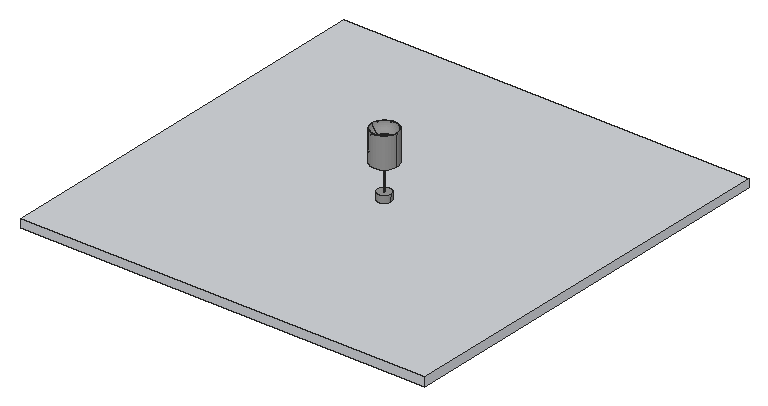
Revit family "LAMP_KOMBIC 150 SURFACE 2000 CRI80 OPAL DALI", category Luminarias, Revit 2018
Family settings
  Anfitrión = Cara
  Cota de conector redondo = Diámetro de uso
  Tipo de pieza = Normal
  Corte con vacíos al cargar = No
  Origen de luz = Sí
  Compartido = No
  Punto de cálculo de habitación = No
Parameters (values of type "1427LM 3000K  M/B")
  Ángulo de inclinación = -90.00°
  Weight = 1.478 kg
  UGR = ""
  Type = "COB PHILIPS"
  Protection rating = "IP40"
  Product datasheet = "http://www.lamp.es/product-files/TECH/K21SF2040OP830DMB-EN.pdf"
  Product code = "K21SF2040OP830DMB"
  Product URL = "https://www.lamp.es/en/family/kombic-surface_474354"
  Power Supply = "220-240V 50/60Hz"
  Power = 12 W
  Plum = 14.1 W
  Modelo = Product code  # "K21SF2040OP830DMB"
  Model explanation = "Possibility of chossing between surface or suspended within the model"
  Material reflector = LAMP_PC Reflector Kombic Metalizado Mate
  Material floron = LAMP_Plástico genérico NG
  Material difusor = LAMP_PMMA Difusor Kombic
  Material cuerpo = LAMP_Plástico genérico NG
  Material cable suspension = LAMP_Acero genérico
  Manufacturer name = "LAMP"
  Manufacturer country = "Spain"
  Manufacturer URL = "http://www.lamp.es/en"
  MacAdam = "3"
  Luminaire type = "Suspended"
  Last update = "02/09/2021"
  Lamp = "COB LED"
  LED Lifetime = "50.000 L90 B10"
  Insulation class = "II"
  Installation instructions = "https://www.lamp.es/product-files/packed/by-family/474354_INS_all.zip"
  IEE = "A+"
  Height suspension [instance] = 200 mm
  Height distance [instance] = if(Surface, 0.1 mm, if(Ceiling rose, if(Height suspension > 38 mm, if(Height suspension < 2000 mm, Height suspension, 2000 mm), 38 mm), 37 mm))  # 200 mm
  Wattage = 14.1 W
  built-in parameter 1150107 = 3000 (stored number, unit not read)
  Surface [instance] = no
  built-in parameter 1150110 = 1 (stored number, unit not read)
  built-in parameter 1150109 = 1 (stored number, unit not read)
  built-in parameter 1150112 = 1 (stored number, unit not read)
  built-in parameter 1150113 = 1 (stored number, unit not read)
  built-in parameter 1114218 = 1 (stored number, unit not read)
  built-in parameter 1150137 = (empty or 0)
  built-in parameter 1150132 = 2
  built-in parameter 1150105 = 113.55 (stored number, unit not read)
  built-in parameter 1150102 = (empty or 0)
  built-in parameter 1150106 = 1.1355 (stored number, unit not read)
  Height = 180 mm
  Gear = "Adjustable DALI"
  Lumens = 1426.92 lm
  Finish = "Matte black RAL 9011"
  Color Filter = 16777215
  built-in parameter 1114217 = 1 (stored number, unit not read)
  built-in parameter 1150139 = (empty or 0)
  Fabricante = Manufacturer name  # "LAMP"
  Default Elevation = 1219.2 mm
  built-in parameter 1150104 = 9.4018 (stored number, unit not read)
  Efficacy = 101.2 lm/W
  Diameter = 150 mm
  built-in parameter 1150115 = 1 (stored number, unit not read)
  built-in parameter 1150114 = 1 (stored number, unit not read)
  built-in parameter 1150138 = (empty or 0)
  built-in parameter 1150134 = (empty or 0)
  Ceiling rose [instance] = not(Surface)  # yes
  Dimming Lamp Color Temperature Shift = (empty or 0)
  CRI = "80"
  Archivo de red fotométrica = "K21SF2040OP830NMB.IES"
  built-in parameter 1150133 = 10 (stored number, unit not read)
Types (12, lengths in mm): name | Product datasheet | Product code | Modelo | Material reflector | Material floron | Material cuerpo | built-in parameter 1150107 | built-in parameter 1150105 | built-in parameter 1150106 | Lumens | Finish | built-in parameter 1150104 | Efficacy | built-in parameter 1150134 | Archivo de red fotométrica
  1427LM 3000K  M/B | "http://www.lamp.es/product-files/TECH/K21SF2040OP830DMB-EN.pdf" | "K21SF2040OP830DMB" | "K21SF2040OP830DMB" | LAMP_PC Reflector Kombic Metalizado Mate | LAMP_Plástico genérico NG | LAMP_Plástico genérico NG | 3000 (stored number, unit not read) | 113.55 (stored number, unit not read) | 1.1355 (stored number, unit not read) | 1426.92 lm | "Matte black RAL 9011" | 9.4018 (stored number, unit not read) | 101.2 lm/W | (empty or 0) | "K21SF2040OP830NMB.IES"
  1427LM 3000K  M/W | "http://www.lamp.es/product-files/TECH/K21SF2040OP830DMW-EN.pdf" | "K21SF2040OP830DMW" | "K21SF2040OP830DMW" | LAMP_PC Reflector Kombic Metalizado Mate | LAMP_Plástico genérico BL | LAMP_Plástico genérico BL | 3000 (stored number, unit not read) | 113.55 (stored number, unit not read) | 1.1355 (stored number, unit not read) | 1426.92 lm | "Matte white RAL 9010" | 9.4018 (stored number, unit not read) | 101.2 lm/W | (empty or 0) | "K21SF2040OP830NMW.IES"
  1473LM 3000K  W/B | "http://www.lamp.es/product-files/TECH/K21SF2040OP830DWB-EN.pdf" | "K21SF2040OP830DWB" | "K21SF2040OP830DWB" | LAMP_PC Reflector Kombic Blanco | LAMP_Plástico genérico NG | LAMP_Plástico genérico NG | 3000 (stored number, unit not read) | 117.14 (stored number, unit not read) | 1.1714 (stored number, unit not read) | 1472.04 lm | "Matte black RAL 9011" | 9.6991 (stored number, unit not read) | 104.4 lm/W | (empty or 0) | "K21SF2040OP830NWB.IES"
  1473LM 3000K  W/W | "http://www.lamp.es/product-files/TECH/K21SF2040OP830DWW-EN.pdf" | "K21SF2040OP830DWW" | "K21SF2040OP830DWW" | LAMP_PC Reflector Kombic Blanco | LAMP_Plástico genérico BL | LAMP_Plástico genérico BL | 3000 (stored number, unit not read) | 117.14 (stored number, unit not read) | 1.1714 (stored number, unit not read) | 1472.04 lm | "Matte white RAL 9010" | 9.6991 (stored number, unit not read) | 104.4 lm/W | (empty or 0) | "K21SF2040OP830NWW.IES"
  1486LM 4000K  M/B | "http://www.lamp.es/product-files/TECH/K21SF2040OP840DMB-EN.pdf" | "K21SF2040OP840DMB" | "K21SF2040OP840DMB" | LAMP_PC Reflector Kombic Metalizado Mate | LAMP_Plástico genérico NG | LAMP_Plástico genérico NG | 4000 (stored number, unit not read) | 118.26 (stored number, unit not read) | 1.1826 (stored number, unit not read) | 1486.14 lm | "Matte black RAL 9011" | 9.792 (stored number, unit not read) | 105.4 lm/W | 12 | "K21SF2040OP840NMB.IES"
  1486LM 4000K  M/W | "http://www.lamp.es/product-files/TECH/K21SF2040OP840DMW-EN.pdf" | "K21SF2040OP840DMW" | "K21SF2040OP840DMW" | LAMP_PC Reflector Kombic Metalizado Mate | LAMP_Plástico genérico BL | LAMP_Plástico genérico BL | 4000 (stored number, unit not read) | 118.26 (stored number, unit not read) | 1.1826 (stored number, unit not read) | 1486.14 lm | "Matte white RAL 9010" | 9.792 (stored number, unit not read) | 105.4 lm/W | 12 | "K21SF2040OP840NMW.IES"
  1488LM 3000K  BR/B | "http://www.lamp.es/product-files/TECH/K21SF2040OP830DRB-EN.pdf" | "K21SF2040OP830DRB" | "K21SF2040OP830DRB" | LAMP_PC Reflector Kombic Metalizado Brillante | LAMP_Plástico genérico NG | LAMP_Plástico genérico NG | 3000 (stored number, unit not read) | 118.49 (stored number, unit not read) | 1.1849 (stored number, unit not read) | 1488.96 lm | "Matte black RAL 9011" | 9.8106 (stored number, unit not read) | 105.6 lm/W | (empty or 0) | "K21SF2040OP830NRB.IES"
  1488LM 3000K  BR/W | "http://www.lamp.es/product-files/TECH/K21SF2040OP830DRW-EN.pdf" | "K21SF2040OP830DRW" | "K21SF2040OP830DRW" | LAMP_PC Reflector Kombic Metalizado Brillante | LAMP_Plástico genérico BL | LAMP_Plástico genérico BL | 3000 (stored number, unit not read) | 118.49 (stored number, unit not read) | 1.1849 (stored number, unit not read) | 1488.96 lm | "Matte white RAL 9010" | 9.8106 (stored number, unit not read) | 105.6 lm/W | (empty or 0) | "K21SF2040OP830NRW.IES"
  1534LM 4000K  W/B | "http://www.lamp.es/product-files/TECH/K21SF2040OP840DWB-EN.pdf" | "K21SF2040OP840DWB" | "K21SF2040OP840DWB" | LAMP_PC Reflector Kombic Blanco | LAMP_Plástico genérico NG | LAMP_Plástico genérico NG | 4000 (stored number, unit not read) | 122.08 (stored number, unit not read) | 1.2208 (stored number, unit not read) | 1534.08 lm | "Matte black RAL 9011" | 10.108 (stored number, unit not read) | 108.8 lm/W | 12 | "K21SF2040OP840NWB.IES"
  1534LM 4000K  W/W | "http://www.lamp.es/product-files/TECH/K21SF2040OP840DWW-EN.pdf" | "K21SF2040OP840DWW" | "K21SF2040OP840DWW" | LAMP_PC Reflector Kombic Blanco | LAMP_Plástico genérico BL | LAMP_Plástico genérico BL | 4000 (stored number, unit not read) | 122.08 (stored number, unit not read) | 1.2208 (stored number, unit not read) | 1534.08 lm | "Matte white RAL 9010" | 10.108 (stored number, unit not read) | 108.8 lm/W | 12 | "K21SF2040OP840NWW.IES"
  1550LM 4000K  BR/B | "http://www.lamp.es/product-files/TECH/K21SF2040OP840DRB-EN.pdf" | "K21SF2040OP840DRB" | "K21SF2040OP840DRB" | LAMP_PC Reflector Kombic Metalizado Brillante | LAMP_Plástico genérico NG | LAMP_Plástico genérico NG | 3000 (stored number, unit not read) | 123.42 (stored number, unit not read) | 1.2342 (stored number, unit not read) | 1551 lm | "Matte black RAL 9011" | 10.219 (stored number, unit not read) | 110 lm/W | (empty or 0) | "K21SF2040OP840NRB.IES"
  1550LM 4000K  BR/W | "http://www.lamp.es/product-files/TECH/K21SF2040OP840DRW-EN.pdf" | "K21SF2040OP840DRW" | "K21SF2040OP840DRW" | LAMP_PC Reflector Kombic Metalizado Brillante | LAMP_Plástico genérico BL | LAMP_Plástico genérico BL | 4000 (stored number, unit not read) | 123.42 (stored number, unit not read) | 1.2342 (stored number, unit not read) | 1551 lm | "Matte white RAL 9010" | 10.219 (stored number, unit not read) | 110 lm/W | 12 | "K21SF2040OP840NRW.IES"
Reference planes
  plane 1 "Centro (Frontal/Posterior)": y = 0
  plane 2: z = 0
  plane 3 "Centro (Izquierda/Derecha)": x = 0
Forms (mm)
  Extrusion 1, solid
    sketch origin (0, 0, 0) x (1, 0, 0) y (0, 1, 0)
      loop
        line (-1219.2, 1219.2) -> (-1219.2, -1219.2) -> (1219.2, -1219.2) -> (1219.2, 1219.2) -> (-1219.2, 1219.2)
    from 0 to -50
  Extrusion 2, solid, material "LAMP_Plástico genérico NG" <- "Material cuerpo"
    sketch origin (0, 0, 0) x (1, 0, 0) y (0, 1, 0)
      loop
        circle (0, 0) r 77.5
    from 200 to 380
  Extrusion 3, void
    sketch origin (0, 0, 0) x (1, 0, 0) y (0, 1, 0)
      loop
        circle (0, 0) r 76.5
    from 270.588 to 380
  Sweep 4, solid, material "LAMP_PC Reflector Kombic Metalizado Mate" <- "Material reflector"
    path origin (105.103, -251.845, 380) x (1, 0, 0) y (0, 1, 0)
      loop
        circle (-105.103, 251.959) r 48
    profile origin (0, 48.114, 380) x (0, -1, 0) y (0, 0, 1)
      loop
        arc (-28.386, 0) -> (-15.5, -31.664) -> (14.364, -48.3) r 51.542
        line (14.364, -48.3) -> (14.364, -47.3)
        arc (14.364, -47.3) -> (-14.949, -31.098) -> (-27.386, 0) r 49.836
        line (-27.386, 0) -> (-28.386, 0)
  Extrusion 5, solid, material "LAMP_PMMA Difusor Kombic" <- "Material difusor"
    sketch origin (0, 0, 0) x (1, 0, 0) y (0, 1, 0)
      loop
        circle (0, 0) r 33.636
    from 331.7 to 332.7
  Extrusion 6, solid, material "LAMP_Plástico genérico NG" <- "Material floron", visible <- "Ceiling rose"
    sketch origin (0, 0, 0) x (1, 0, 0) y (0, 1, 0)
      loop
        circle (0, 0) r 42
    from 0 to 37
  Extrusion 7, solid, material "LAMP_Acero genérico" <- "Material cable suspension", visible <- "Ceiling rose"
    sketch origin (0, 0, 0) x (1, 0, 0) y (0, 1, 0)
      loop
        circle (0, 0) r 1
    from 37 to 200
Cuts and joins
  Extrusion 3 cuts Extrusion 2
Text (mm)
  text "Any modification of the parameters and properties of the LAMP BIM models must be executed and validated by the LAMP technical department.\nPhone: +34 93 736 68 00\nE-mail: lamp@lamp.es\n\nLAMP reserves the right to modify the technical specifications of its products." at (1856.491, -4316.333, -2622.127), in view "Preview"
Dimensions and locks
  "Height distance": Extrusion 2 to Extrusion 1
  locked: Extrusion 2 to Extrusion 2 at 180
  locked: cut or joined group of Extrusion 2, Extrusion 3 to cut or joined group of Extrusion 2, Extrusion 3 at 109.412
  aligned and locked: plane 2 to Extrusion 1
  aligned and locked: level to Extrusion 1
  aligned and locked: Extrusion 2 to Extrusion 3
  aligned and locked: Extrusion 7 to Extrusion 6
  aligned and locked: Extrusion 7 to cut or joined group of Extrusion 2, Extrusion 3
  aligned and locked: imposter light to cut or joined group of Extrusion 2, Extrusion 3
  aligned and locked: Extrusion 5 to Sweep 4  (x2)
Automatic sketch dimensions
  Extrusion 1 sketch curve to Extrusion 1 sketch curve = 2438.4 mm  (x2)
  plane 1 "Centro (Frontal/Posterior)" to Extrusion 2 sketch curve = 0 mm
  Extrusion 2 sketch curve to plane 3 "Centro (Izquierda/Derecha)" = 0 mm
  plane 1 "Centro (Frontal/Posterior)" to Extrusion 3 sketch curve = 0 mm
  Extrusion 3 sketch curve to plane 3 "Centro (Izquierda/Derecha)" = 0 mm
  plane 1 "Centro (Frontal/Posterior)" to Extrusion 6 sketch curve = 0 mm
  Extrusion 6 sketch curve to plane 3 "Centro (Izquierda/Derecha)" = 0 mm
  plane 1 "Centro (Frontal/Posterior)" to Extrusion 7 sketch curve = 0 mm
  Extrusion 7 sketch curve to plane 3 "Centro (Izquierda/Derecha)" = 0 mm
  Sweep 4 sketch curve to profile plane = 0 mm
  profile plane to Sweep 4 sketch curve = 28.386 mm
  profile plane to Sweep 4 sketch curve = 1.881 mm
  Sweep 4 sketch curve to profile plane = 22.414 mm
  Sweep 4 sketch curve to Sweep 4 sketch curve = 0.681 mm
  Sweep 4 sketch curve to Sweep 4 sketch curve = 1 mm  (x2)
  Sweep 4 sketch curve to profile plane = 14.364 mm
  plane 1 "Centro (Frontal/Posterior)" to Extrusion 5 sketch curve = 0 mm
  Extrusion 5 sketch curve to plane 3 "Centro (Izquierda/Derecha)" = 0 mm
  radius of Extrusion 2 sketch curve = 77.5 mm
  radius of Extrusion 3 sketch curve = 76.5 mm
  radius of Sweep 4 sketch curve = 48 mm
  radius of Extrusion 6 sketch curve = 42 mm
  radius of Extrusion 7 sketch curve = 1 mm
  radius of Extrusion 5 sketch curve = 33.636 mm
Connectors
  electrical at (0, 0, 200)
    settings: on cut or joined group of Extrusion 2, Extrusion 3, index 1, voltage 230 V, apparent load 0 VA, apparent load phase1 0 VA, apparent load phase2 0 VA, apparent load phase3 0 VA, power factor 1, load classification "Otro", number of poles 1, system type 31, power factor state 1, is connector primary yes, connector utility no, sub classification motor no, connector description ""
